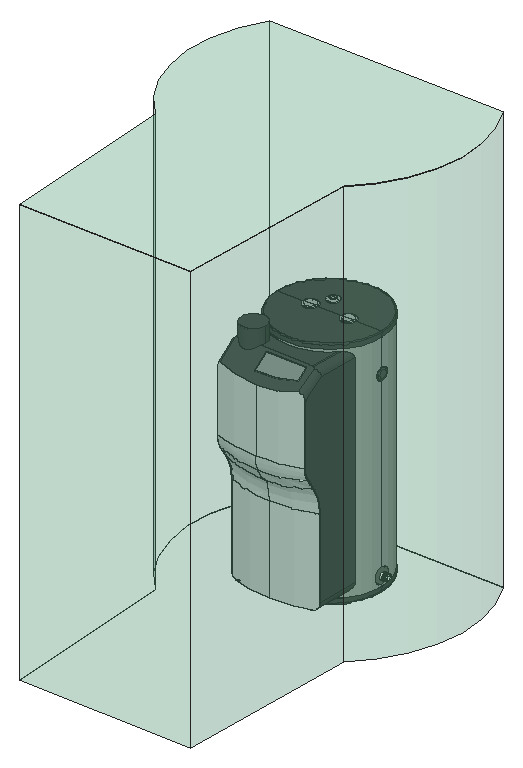
Revit family "Innovo NL_IR 20 200 NL LP", category Mechanical Equipment, Revit 2015
Parameters (values of type "IR-20-200 NL LP")
  Werkruimte Radius = Diameter + 170 mm  # 730 mm
  Werkruimte Hoogte = Hoogte + 1000 mm  # 2270 mm
  Werkruimte Afstand Voor = 1000 mm
  Werkruimte [instance] = yes
  Voorzorgsmaatregelen tijdens montage, installatie of onderhoud = "zie Gebruikers, Installatie, Service en Onderhouds handleiding"  # constant formula
  Voltage = 230 V  # constant formula
  Verpakkingslengte = 946 mm  # constant formula
  Verpakkingshoogte = 1465 mm
  Verpakkingsbreedte = 786 mm  # constant formula
  Uitsluitend werkend in daluren = no
  Type aanduiding = "IR-12-160"
  Transportgewicht = 114 kg
  Totaal Gewicht = 274 kg
  Stilstandsverlies - dagelijks (24u) = 0 W
  Stilstandsverlies = 0 W
  Standaard Afgesteld op = "G25.3"
  Stand Regelthermostaat = 65 °C  # constant formula
  Soort Verpakking = "Karton en Hout"  # constant formula
  Slimme controlefunctie = no
  Setpoint thermostaat = 65 °C  # constant formula
  Seizoens Rendement (Hs) = [Rendement (Hs, vlgs. NEN-EN 89 - 1999)]  # 96
  Rendement (Hs, vlgs. NEN-EN 89 - 1999) = 96
  Rendement (Hi, vlgs. NEN-EN 89 - 1999) = 107
  Produktspecificaties Link = ""
  Produkthandleiding Link = ""
  Produkt Model Nummer (EAN-nummer) = "8717449283780"
  Onderhoudsinterval = "12 maanden"  # constant formula
  Nominale Belasting (Onderwaarde) = "10900.0"
  Nominale Belasting (Bovenwaarde) = "12100.0"
  Nominaal Vermogen = "11700.0"
  NOx-uitstoot mg/kWh = "22.0"
  NOx-uitstoot (lucht vrij, 0% O2) ppm = "14"
  Min. Stand Regelthermostaat = 40 °C  # constant formula
  Max. Werkdruk = 800000.0 Pa
  Max. Stand Regelthermostaat = 85 °C  # constant formula
  Max. Rookgastemperatuur = 45 °C
  Ledig Gewicht = 95 kg
  Kraan Hoogte 02 = if(and(Hoogte = 1745 mm, Diameter = 675 mm), 1518 mm, if(and(Hoogte = 1745 mm, Diameter = 610 mm), 1534 mm, if(Hoogte = 1545 mm, 1328 mm, 1070 mm)))  # 1070 mm
  Kraan Hoogte 01 = if(and(Diameter > 560 mm), 693 mm, 604 mm)  # 604 mm
  Uitschakeldruk LDS < = 115.0 Pa
  URL = "www.aosmith.nl"
  Tapcapaciteit bij ΔT = 70°C  na 90 min. = 270.0 L
  Tapcapaciteit bij ΔT = 70°C  na 60 min. = 200.0 L
  Tapcapaciteit bij ΔT = 70°C  na 30 min. = 120.0 L
  Tapcapaciteit bij ΔT = 70°C  na 120 min. = 340.0 L
  Tapcapaciteit bij ΔT = 55°C  na 90 min. = 370.0 L
  Tapcapaciteit bij ΔT = 55°C  na 60 min. = 270.0 L
  Tapcapaciteit bij ΔT = 55°C  na 30 min. = 180.0 L
  Tapcapaciteit bij ΔT = 55°C  na 120 min. = 460.0 L
  Tapcapaciteit bij ΔT = 50°C  na 90 min. = 410.0 L
  Tapcapaciteit bij ΔT = 50°C  na 60 min. = 310.0 L
  Tapcapaciteit bij ΔT = 50°C  na 30 min. = 210.0 L
  Tapcapaciteit bij ΔT = 50°C na 120 min. = 510.0 L
  Tapcapaciteit bij ΔT = 44°C na 120 min. = 480.0 L
  Tapcapaciteit bij ΔT = 44°C  na 90 min. = 360.0 L
  Tapcapaciteit bij ΔT = 44°C  na 60 min. = 250.0 L
  Tapcapaciteit bij ΔT = 44°C  na 30 min. = 590.0 L
  Tapcapaciteit bij ΔT = 28°C na 90 min. = 780.0 L
  Tapcapaciteit bij ΔT = 28°C na 60 min. = 600.0 L
  Tapcapaciteit bij ΔT = 28°C na 30 min. = 420.0 L
  Tapcapaciteit bij ΔT = 28°C na 120 min. = 960.0 L
  Tapcapaciteit Continu bij ΔT = 70°C = 150.0 L/s
  Tapcapaciteit Continu bij ΔT = 55°C = 190.0 L/s
  Tapcapaciteit Continu bij ΔT = 50°C = 200.0 L/s
  Tapcapaciteit Continu bij ΔT = 44°C = 230.0 L/s
  Tapcapaciteit Continu bij ΔT = 28°C = 360.0 L/s
  Opwarmtijd bij ΔT = 70°C = "42"
  Opwarmtijd bij ΔT = 55°C = "34"
  Opwarmtijd bij ΔT = 50°C = "31"
  Opwarmtijd bij ΔT = 44°C = "27"
  Opwarmtijd bij ΔT = 28°C = "17"
  Model = "IR-12-160 NL NAT"
  Manufacturer = "A.O. Smith Water Products Company b.v."  # constant formula
  Length = 780 mm  # constant formula
  Jaarlijks elektriciteitsverbruik (2) = "-"
  Jaarlijks elektriciteitsverbruik (1) = "38 kWh"
  Jaarlijks brandstofverbruik (2) = "-"
  Jaarlijks brandstofverbruik (1) = "16 GJ GCV"
  Isolatiedikte = 50 mm
  Installatie Typen = "B23/C13/C33/C43/C53/C63"  # constant formula
  Inhoud = 160.0 L
  Hoogte Warm Water Uitlaat = 1270 mm
  Hoogte Rookgasafvoer = 1295 mm
  Hoogte Lucht Inlaat = 1295 mm
  Hoogte Koud Water Inlaat = 170 mm
  Hoogte Gas Aansluiting = 860 mm
  Hoogte = 1270 mm
  Handelsmerk = "A.O. Smith"  # constant formula
  Geluidsniveau dB (A) = "<45"  # constant formula
  Geluidsniveau binnen = "41 dB"
  Gasverbruik - Volume ltr/hr = "1.20"
  Gasverbruik - Massa kg/h = "n.v.t."
  Gascategorie = "II2EK3B/P"  # constant formula
  Gas Voordruk = 2500.0 Pa
  Gas Aansluiting = 15"  # constant formula
  Garrantie op Tank = "36 maanden"  # constant formula
  Garrantie op Onderdelen = "12 maanden"  # constant formula
  Frequentie = 50 Hz  # constant formula
  Fase = 1
  Fabrikantnummer = "E 7110"  # constant formula
  Energie-efficiëntieklasse voor waterverwarming (2) = "-"
  Energie-efficiëntieklasse voor waterverwarming (1) = "A"  # constant formula
  Energie-efficiëntie voor waterverwarming (2) = "-"
  Energie-efficiëntie voor waterverwarming (1) = "92%"
  Elektrisch Vermogen (piek) = 85 W
  Elektrisch Vermogen (nominaal) = 25 W
  Diameter Schoorsteen - parallel systeem = "2x80"  # constant formula
  Diameter Schoorsteen - concentrisch systeem = "80/125 mm/mm"  # constant formula
  Diameter Schoorsteen - boiler = "80/125 mm/mm"  # constant formula
  Diameter = 560 mm
  Description = "Condenserende Hoog Rendementsboiler"  # constant formula
  Created By = "http://www.cadcompany.nl/"
  Capaciteitsprofiel = "XL"
  CO2-uitstoot (tol. +/- 1.0) vol% = "9.3"
  CE-PIN = "0063CQ3037"  # constant formula
  Breedte = Diameter  # 560 mm
  Bestemming / Land = "Nederland"  # constant formula
  BIM Content Developer = "CAD & Company"  # constant formula
  Assembly Code = "D3010"
  Ander capaciteitsprofiel = "-"
  Aansluiting Warm Water = 3/4"
  Aansluiting T&P = 3/4"
  Aansluiting Koud Water = 3/4"  # constant formula
  Aansluiting Condensafvoer = 40 mm  # constant formula
  Aansluiting Aftapkraan = 3/4"  # constant formula
  2e Onderhoud (algeheel onderhoud) = "12 maanden na installatie"  # constant formula
  1e Onderhoud (check-up) = "3 maanden na installatie"  # constant formula
Reference planes
  plane 1 "Center (Front/Back)": y = 0
  plane 2: z = 0
  plane 3 "Center (Left/Right)": x = 0
  plane 4 "Pipe": through (-383.901, 912.349, 194.799) normal (-0.0879, -0.0879, 0.9923)
  plane 5 "footing": y = 118.925
  plane 6 "footing front": y = -237.85
  plane 7: x = -280
  plane 8: x = 280
  plane 9: z = 1270
Forms (mm)
  Revolve 1, solid, material "RAL 9005", detail levels medium+fine
    sketch origin (0, -237.85, 0) x (-1, 0, 0) y (0, 0, 1)
      loop
        line (0, 28.9) -> (-15, 28.9) -> (-15, 26.4) -> (-8.671, 26.4) -> (-8.671, 18) -> (-5.686, 18) -> (-6.626, 17.06) -> (-6.626, 12.06) -> (-8.671, 12.06) -> (-8.671, 10) -> (-10.031, 10) -> (-23.271, 5.181)
        arc (-23.271, 5.181) -> (-23.763, 4.836) -> (-24.017, 4.293) r 1.159
        line (-24.017, 4.293) -> (-24.017, 1.03)
        arc (-24.017, 1.03) -> (-23.715, 0.302) -> (-22.986, 0) r 1.03
        line (-22.986, 0) -> (0, 0) -> (0, 28.9)
      axis (0, 28.9) -> (0, 0)
    angle from 0 to 360
  Revolve 2, solid, material "RAL 9005", detail levels medium+fine
    sketch origin (0, 118.925, 0) x (-1, 0, 0) y (0, 0, 1)
      loop
        line (-180.984, 28.9) -> (-195.984, 28.9) -> (-195.984, 26.4) -> (-189.655, 26.4) -> (-189.655, 18) -> (-186.67, 18) -> (-187.61, 17.06) -> (-187.61, 12.06) -> (-189.655, 12.06) -> (-189.655, 10) -> (-191.015, 10) -> (-204.256, 5.181)
        arc (-204.256, 5.181) -> (-204.747, 4.836) -> (-205.001, 4.293) r 1.159
        line (-205.001, 4.293) -> (-205.001, 1.03)
        arc (-205.001, 1.03) -> (-204.699, 0.302) -> (-203.971, 0) r 1.03
        line (-203.971, 0) -> (-180.984, 0) -> (-180.984, 28.9)
      axis (-180.984, 28.9) -> (-180.984, 0)
    angle from 0 to 360
  Revolve 3, solid, material "RAL 9005", detail levels medium+fine
    sketch origin (0, 118.925, 0) x (-1, 0, 0) y (0, 0, 1)
      loop
        line (179.016, 28.9) -> (164.016, 28.9) -> (164.016, 26.4) -> (170.345, 26.4) -> (170.345, 18) -> (173.33, 18) -> (172.39, 17.06) -> (172.39, 12.06) -> (170.345, 12.06) -> (170.345, 10) -> (168.985, 10) -> (155.744, 5.181)
        arc (155.744, 5.181) -> (155.253, 4.836) -> (154.999, 4.293) r 1.159
        line (154.999, 4.293) -> (154.999, 1.03)
        arc (154.999, 1.03) -> (155.301, 0.302) -> (156.029, 0) r 1.03
        line (156.029, 0) -> (179.016, 0) -> (179.016, 28.9)
      axis (179.016, 28.9) -> (179.016, 0)
    angle from 0 to 360
Lines and regions (mm)
  symbolic lines
    curve 1: line (0, 280.06, 0) -> (0, -280.06, 0)
    curve 2: line (-255.06, 0, 0) -> (255.06, 0, 0)
  symbolic lines, style "Workspace"
    curve 3: line (623.261, 380.06, 0) -> (-623.261, 380.06, 0)
    curve 4: arc (-623.261, 380.06, 0) -> (-726.942, -66.745, 0) -> (-543.632, -487.2, 0) r 730
    curve 5: line (-543.632, -487.2, 0) -> (-396.783, -1492.825, 0)
    curve 6: line (-396.783, -1492.825, 0) -> (399.03, -1492.825, 0)
    curve 7: line (399.03, -1492.825, 0) -> (545.76, -484.816, 0)
    curve 8: arc (545.76, -484.816, 0) -> (727.087, -65.154, 0) -> (623.261, 380.06, 0) r 730
Dimensions and locks
  plane 5 "footing" to plane 1 "Center (Front/Back)" = 118.925 mm
  plane 1 "Center (Front/Back)" to plane 6 "footing front" = 237.85 mm
  "Diameter": plane 7 to plane 8
  equal spacing: plane 7, plane 3 "Center (Left/Right)", plane 8
  "Hoogte": plane 9 to plane 2
  "Werkruimte Afstand Voor": curve 6 to nested 3
  "Werkruimte Radius": radius of curve 4
  "Werkruimte Radius": radius of curve 8
  aligned and locked: level to plane 2
  aligned and locked: nested 3 to Revolve 1 sketch curve
  aligned and locked: plane 3 "Center (Left/Right)" to Revolve 1 sketch curve
  aligned and locked: nested 3 to plane 1 "Center (Front/Back)"
  aligned and locked: plane 3 "Center (Left/Right)" to nested 3
  aligned and locked: nested 1 to plane 8
  aligned and locked: nested 5 to plane 8
  aligned and locked: nested 2 to plane 7
  aligned and locked: nested 4 to plane 7
  aligned and locked: nested 7 to plane 7
  aligned and locked: nested 8 to plane 3 "Center (Left/Right)"
  aligned and locked: curve 3 to nested 8
  aligned and locked: nested 8 to nested 3
Automatic sketch dimensions
  Revolve 1 sketch curve to level = 0 mm
  plane 3 "Center (Left/Right)" to Revolve 1 sketch curve = 5.686 mm
  Revolve 1 sketch curve to Revolve 1 sketch curve = 0.94 mm  (x2)
  Revolve 1 sketch curve to Revolve 1 sketch curve = 2.046 mm  (x2)
  Revolve 1 sketch curve to Revolve 1 sketch curve = 1.359 mm
  Revolve 1 sketch curve to Revolve 1 sketch curve = 6.329 mm
  level to Revolve 1 sketch curve = 4.091 mm
  Revolve 1 sketch curve to Revolve 1 sketch curve = 12.844 mm
  level to Revolve 1 sketch curve = 1.03 mm
  Revolve 1 sketch curve to Revolve 1 sketch curve = 0.111 mm
  level to Revolve 1 sketch curve = 5.181 mm
  Revolve 1 sketch curve to Revolve 1 sketch curve = 0.745 mm
  level to Revolve 1 sketch curve = 10 mm
  Revolve 1 sketch curve to Revolve 1 sketch curve = 2.06 mm
  Revolve 1 sketch curve to Revolve 1 sketch curve = 5 mm
  Revolve 1 sketch curve to Revolve 1 sketch curve = 8.4 mm
  Revolve 1 sketch curve to Revolve 1 sketch curve = 2.5 mm
  Revolve 1 sketch curve to level = 19.635 mm
  Revolve 1 sketch curve to Revolve 1 sketch curve = 46.465 mm
  Revolve 2 sketch curve to level = 0 mm
  level to Revolve 2 sketch curve = 1.03 mm
  Revolve 2 sketch curve to plane 8 = 74.999 mm
  level to Revolve 2 sketch curve = 5.181 mm
  Revolve 2 sketch curve to Revolve 2 sketch curve = 0.745 mm
  Revolve 2 sketch curve to Revolve 2 sketch curve = 0.397 mm
  Revolve 2 sketch curve to Revolve 2 sketch curve = 8.271 mm
  Revolve 2 sketch curve to Revolve 2 sketch curve = 13.241 mm
  Revolve 2 sketch curve to Revolve 2 sketch curve = 1.359 mm
  Revolve 2 sketch curve to Revolve 2 sketch curve = 6.329 mm
  Revolve 2 sketch curve to Revolve 2 sketch curve = 2.046 mm
  level to Revolve 2 sketch curve = 18 mm
  Revolve 2 sketch curve to Revolve 2 sketch curve = 0.94 mm  (x2)
  Revolve 2 sketch curve to Revolve 2 sketch curve = 8.671 mm
  Revolve 2 sketch curve to Revolve 2 sketch curve = 1.089 mm
  Revolve 2 sketch curve to Revolve 2 sketch curve = 8 mm
  Revolve 2 sketch curve to Revolve 2 sketch curve = 2.06 mm
  Revolve 2 sketch curve to Revolve 2 sketch curve = 8.4 mm
  Revolve 2 sketch curve to Revolve 2 sketch curve = 2.5 mm
  Revolve 2 sketch curve to Revolve 2 sketch curve = 0 mm
  Revolve 2 sketch curve to level = 19.635 mm
  Revolve 2 sketch curve to Revolve 2 sketch curve = 46.465 mm
  Revolve 3 sketch curve to level = 0 mm
  level to Revolve 3 sketch curve = 1.03 mm
  Revolve 3 sketch curve to plane 7 = 125.001 mm
  level to Revolve 3 sketch curve = 5.181 mm
  Revolve 3 sketch curve to Revolve 3 sketch curve = 0.745 mm
  Revolve 3 sketch curve to Revolve 3 sketch curve = 0.397 mm
  Revolve 3 sketch curve to Revolve 3 sketch curve = 8.271 mm
  Revolve 3 sketch curve to Revolve 3 sketch curve = 13.241 mm
  Revolve 3 sketch curve to Revolve 3 sketch curve = 1.359 mm
  Revolve 3 sketch curve to Revolve 3 sketch curve = 6.329 mm
  Revolve 3 sketch curve to Revolve 3 sketch curve = 2.046 mm
  level to Revolve 3 sketch curve = 18 mm
  Revolve 3 sketch curve to Revolve 3 sketch curve = 0.94 mm  (x2)
  Revolve 3 sketch curve to Revolve 3 sketch curve = 8.671 mm
  Revolve 3 sketch curve to Revolve 3 sketch curve = 1.089 mm
  Revolve 3 sketch curve to Revolve 3 sketch curve = 8 mm
  Revolve 3 sketch curve to Revolve 3 sketch curve = 2.06 mm
  Revolve 3 sketch curve to Revolve 3 sketch curve = 8.4 mm
  Revolve 3 sketch curve to Revolve 3 sketch curve = 2.5 mm
  Revolve 3 sketch curve to Revolve 3 sketch curve = 0 mm
  Revolve 3 sketch curve to level = 19.635 mm
  Revolve 3 sketch curve to Revolve 3 sketch curve = 46.465 mm
  curve 4 to curve 8 = 0 mm  (x2)
  plane 1 "Center (Front/Back)" to curve 2 = 0 mm
  curve 1 to plane 3 "Center (Left/Right)" = 0 mm
  plane 1 "Center (Front/Back)" to curve 4 = 0 mm
  curve 4 to plane 3 "Center (Left/Right)" = 0 mm
  curve 5 to plane 6 "footing front" = 249.35 mm
  plane 7 to curve 5 = 116.783 mm
  plane 8 to curve 7 = 119.03 mm
  curve 7 to plane 6 "footing front" = 246.966 mm
  curve 2 to plane 7 = 24.94 mm
  curve 2 to plane 8 = 24.94 mm
  curve 1 to plane 6 "footing front" = 42.21 mm
  plane 5 "footing" to curve 1 = 161.135 mm
Nested families
  nested 1: "Valve" at (280, -0.38, 1070) x (0, 1, 0) z (0, 0, 1), built-in parameter 1001364 <- "Kraan Hoogte 02", type "Valve"
  nested 2: "Drain Valve" at (-280, 0, 1070), built-in parameter 1001364 <- "Kraan Hoogte 02", type "Drain Valve"
  nested 3: "Housing Mother Housing S 57 (external)" at (0, -274.886, 0), type "Housing Mother_Housing S_57"
  nested 4: "Drain Valve" at (-280, 0, 177), type "Drain Valve"
  nested 5: "Drain Valve" at (280, 0, 107) x (-1, 0, 0) z (0, 0, 1), type "Drain Valve"
  nested 6: "Boiler" at (0, 0, 0), height <- "Hoogte", type "Boiler"
    with height 1270 mm
  nested 7: "Drain Valve" at (-280, 0, 604), built-in parameter 1001364 <- "Kraan Hoogte 01", type "Drain Valve"
  nested 8: "Innovo_workspace" at (0, 0, 0), Workspace <- "Werkruimte", Workspace Distance Front <- "Werkruimte Afstand Voor", Workspace Height <- "Werkruimte Hoogte", Workspace Radius <- "Werkruimte Radius", type "Workspace"
    with Workspace Radius 730 mm, Workspace Height 2270 mm, Workspace Distance Front 1000 mm, Workspace yes, Center to Front 492.825 mm
Connectors
  piping at (314.826, 0, 107), diameter 19.05, driven by "Aansluiting Aftapkraan"
    settings: on nested 5, index 1, connector inside diameter 24", connector length 0 mm, flow factor 0, pipe flow 0.0 L/s, pressure drop 0.0 Pa, fitting loss kfactor 0, connector angle 0.00°, fixture units 0, engagement length 0 mm, angle of deflection 0.00°, flow configuration 0, flow direction 0, fitting loss method 0, system type 19, joint type 0, gender type 0, connector reference index -1, connector utility 0, adjustable connector no, is connector primary yes, connector description ""
  hvac at (-147.013, -321.326, 1310.674)
    settings: on nested 3, index 2, duct flow 0.0 L/s, flow factor 0, pres drop 0.0 Pa, loss coef 0, conn angle 0.00°, conn width 304.8 mm, conn height 304.8 mm, conn diameter 125 mm, duct sys type 4, conn prof type 0, flow config 0, flow direction 0, loss method 0, conn ref index -1, conn util no, is conn primary yes, conn desc ""
Definition of nested family "Valve"
  Parameters (values of type "Valve")
    Type Comments = "T&P valve (internal)"
    Manufacturer = "A.O. Smith"
  Reference planes
    plane 1 "Center (Front/Back)": y = 0
    plane 2: z = 0
    plane 3 "Center (Left/Right)": x = 0
  Forms (mm)
    Extrusion 1, solid, detail levels fine
      sketch origin (0, 0, 0) x (1, 0, 0) y (0, 0, 1)
        loop
          circle (0, 0) r 31.5
      from -2.271 to 1.4
    Sweep 2, solid, detail levels fine
      path origin (0, -1.4, 0) x (1, 0, 0) y (0, 0, 1)
        loop
          circle (0, 0) r 31.5
      profile origin (0, -1.4, 31.5) x (0, 0, -1) y (0, -1, 0)
        loop
          line (7.3, 0) -> (7.3, 3) -> (0, 0) -> (7.3, 0)
  Dimensions and locks
    aligned and locked: level to plane 2
Definition of nested family "Drain Valve"
  Reference planes
    plane 1 "Center (Front/Back)": y = 0
    plane 2: z = 0
    plane 3 "Center (Left/Right)": x = 0
  Forms (mm)
    Revolve 1, solid, detail levels medium+fine
      sketch origin (0, 0, 0) x (1, 0, 0) y (0, 0, 1)
        loop
          line (-33.442, 15.696) -> (-34.826, 14.329) -> (-34.93, 12.731) -> (-16.555, 12.731) -> (-16.555, 0) -> (15.787, 0) -> (15.787, 18.3) -> (-14.4, 18.3) -> (-17.148, 15.533) -> (-18.729, 16.697) -> (-20.091, 15.333) -> (-21.672, 16.496) -> (-23.034, 15.133) -> (-24.614, 16.296) -> (-25.976, 14.932) -> (-27.557, 16.096) -> (-28.919, 14.732) -> (-30.5, 15.896) -> (-31.862, 14.532) -> (-33.442, 15.696)
        axis (-34.93, 0) -> (15.787, 0)
      angle from 0 to 360
  Dimensions and locks
    aligned and locked: level to plane 2
  Nested families
    nested 1: "Rubber sealing" at (2.592, -0.155, 0) x (0.0023, -1, 0) z (0, 0, 1), type "Rubber sealing", detail levels fine
  Definition of nested family "Rubber sealing"
    Reference planes
      plane 1 "Center (Front/Back)": y = 0
      plane 2: z = 0
      plane 3 "Center (Left/Right)": x = 0
    Forms (mm)
      Extrusion 1, solid, detail levels fine
        sketch origin (141.861, 319.581, 0) x (1, 0, 0) y (0, 1, 0)
          loop
            line (-216.354, -311.898) -> (-216.354, -313.94)
            arc (-216.354, -313.94) -> (-141.602, -321.581) -> (-66.861, -313.835) r 366.966
            line (-66.861, -313.835) -> (-66.861, -311.791)
            arc (-66.861, -311.791) -> (-141.602, -319.581) -> (-216.354, -311.898) r 364.966
        from -80 to 80
      Extrusion 2, void
        sketch origin (141.861, 319.581, 0) x (1, 0, 0) y (0, 0, 1)
          loop
            circle (-141.861, 0) r 13
          loop
            circle (-141.861, 0) r 110
          loop
            circle (-141.861, 0) r 40
        from 311.563 to 332.684
      Extrusion 3, void
        sketch origin (141.861, 319.581, 0) x (1, 0, 0) y (0, 0, 1)
          loop
            circle (-141.861, 0) r 18.25
        from 315.524 to 326.084
    Cuts and joins
      Extrusion 2, Extrusion 3 cuts Extrusion 1
    Dimensions and locks
      aligned and locked: level to plane 2
Definition of nested family "Housing Mother Housing S 57 (external)"
  Parameters (values of type "Housing Mother_Housing S_57")
    radius [instance] = 280 mm
    distance to boiler center = if(diameter = 675 mm, 189 mm, if(diameter = 610 mm, 154 mm, 129 mm))  # 129 mm
    diameter = 560 mm
  Reference planes
    plane 1 "Center (Front/Back)": y = 0
    plane 2: z = 0
    plane 3 "Center (Left/Right)": x = 0
    plane 4 "left": through (-245.286, 145.886, 1200) normal (0.9994, 0.0349, 0)
    plane 5: y = -217.939
    plane 6: y = 145.886
    plane 7: z = 1232.6
    plane 8: z = 65.89
    plane 9 "right": through (245.286, 145.886, 1200) normal (0.9994, -0.0349, 0)
    plane 10 "display": through (0, -90.37, 1221.196) normal (0, -0.5736, 0.8192)
    plane 11 "Potentiostat": z = 867.899
    plane 12 "boiler center": y = 274.886
    plane 13: x = -280
    plane 14: x = 280
  Forms (mm)
    Extrusion 1, solid
      sketch origin (0, 0, 0) x (1, 0, 0) y (0, 1, 0)
        loop
          line (-245.286, 145.886) -> (-232.581, -217.939) -> (232.581, -217.939) -> (245.286, 145.886)
          arc (245.286, 145.886) -> (0, 0.923) -> (-245.286, 145.886) r 280
      from 0 to 1232.6
    Sweep 2, void
      path origin (0, 0, 0) x (0, 1, 0) y (0, 0, 1)
        loop
          line (-217.939, 1232.6) -> (-217.939, 795.555)
          arc (-217.939, 795.555) -> (-212.387, 754.285) -> (-197.694, 715.322) r 183.924
          arc (-197.694, 715.322) -> (-179.915, 684.628) -> (-159.106, 655.901) r 348.284
          arc (-159.106, 655.901) -> (-131.411, 600.328) -> (-121.88, 538.973) r 202.254
          line (-121.88, 538.973) -> (-121.88, 61.106)
      profile origin (0, -217.939, 1014.077) x (1, 0, 0) y (0, 1, 0)
        loop
          arc (0, 0) -> (-117.533, 9.941) -> (-231.728, 39.475) r 699.984
          arc (-231.728, 39.475) -> (-233.391, 40.705) -> (-234.07, 42.659) r 3.505
          line (-234.07, 42.659) -> (-254.062, 42.659) -> (-254.062, -142.593) -> (254.07, -142.593) -> (254.07, 42.659) -> (234.07, 42.659)
          arc (234.07, 42.659) -> (233.391, 40.705) -> (231.728, 39.475) r 3.505
          arc (231.728, 39.475) -> (117.533, 9.941) -> (0, 0) r 699.984
    Extrusion 3, void
      sketch origin (0, 0, 0) x (0, 1, 0) y (0, 0, 1)
        loop
          arc (102.864, 70.869) -> (99.804, 70.709) -> (96.874, 69.813) r 12.57
          arc (96.874, 69.813) -> (87.878, 66.533) -> (78.516, 64.529) r 69.114
          arc (78.516, 64.529) -> (76.41, 64.284) -> (74.294, 64.148) r 41.206
          arc (74.294, 64.148) -> (65.203, 64.335) -> (56.122, 64.782) r 318.661
          arc (56.122, 64.782) -> (30.585, 66.179) -> (5.028, 67.128) r 1456.581
          line (5.028, 67.128) -> (-84.534, 73.135)
          arc (-84.534, 73.135) -> (-86.363, 73.808) -> (-87.536, 75.365) r 3.455
          line (-87.536, 75.365) -> (-264.473, 75.365) -> (-264.473, 0) -> (160.886, 0) -> (160.886, 103.945) -> (145.886, 103.945)
          arc (145.886, 103.945) -> (145.104, 97.827) -> (142.923, 92.059) r 26.364
          arc (142.923, 92.059) -> (141.067, 88.936) -> (138.867, 86.045) r 31.715
          arc (138.867, 86.045) -> (135.576, 82.49) -> (132.021, 79.2) r 62.615
          arc (132.021, 79.2) -> (125.841, 74.697) -> (119.091, 71.103) r 54.444
          arc (119.091, 71.103) -> (116.371, 70.272) -> (113.531, 70.123) r 11.669
          line (113.531, 70.123) -> (102.864, 70.869)
      from -254.062 to 254.07
    Sweep 4, void
      path origin (0, 0, 0) x (1, 0, 0) y (0, 1, 0)
        loop
          line (-245.286, 145.886) -> (-232.581, -217.939)
      profile origin (-238.933, -36.027, 0) x (0.999391, 0.034899, 0) y (0, 0, 1)
        loop
          line (-4.454, 0) -> (47.084, 0) -> (47.084, 73.431)
          arc (47.084, 73.431) -> (14.222, 85.134) -> (0.255, 117.1) r 43.922
          line (0.255, 117.1) -> (-4.454, 117.1) -> (-4.454, 0)
    Sweep 5, void
      path origin (0, 0, 0) x (-1, 0, 0) y (0, 1, 0)
        loop
          line (-245.286, 145.886) -> (-232.581, -217.939)
      profile origin (238.933, -36.027, 0) x (0.999391, -0.034899, 0) y (0, 0, 1)
        loop
          line (4.454, 0) -> (4.454, 117.1) -> (-0.255, 117.1)
          arc (-0.255, 117.1) -> (-14.222, 85.134) -> (-47.084, 73.431) r 43.922
          line (-47.084, 73.431) -> (-47.084, 0) -> (4.454, 0)
    Sweep 6, void
      path origin (-239.899, -8.377, 0) x (-0.034899, 0.999391, 0) y (0, 0, 1)
        loop
          line (-209.69, 1141.272) -> (-79.18, 1232.6) -> (154.358, 1232.6)
      profile origin (-241.211, 29.188, 1232.6) x (0, 0, 1) y (0.999391, 0.034899, 0)
        loop
          line (-45, -30) -> (75, -30) -> (75, 0) -> (75, 55) -> (2.799, 55) -> (-1.253, 35.128)
          arc (-1.253, 35.128) -> (-16.771, 9.564) -> (-45, -0.308) r 44.287
          line (-45, -0.308) -> (-45, -30)
    Sweep 7, void
      path origin (239.899, -8.377, 0) x (0.034899, 0.999391, 0) y (0, 0, 1)
        loop
          line (-209.69, 1141.272) -> (-79.18, 1232.6) -> (154.358, 1232.6)
      profile origin (241.211, 29.188, 1232.6) x (0, 0, -1) y (-0.999391, 0.034899, 0)
        loop
          line (-75, -25) -> (45, -25) -> (45, -0.308)
          arc (45, -0.308) -> (16.771, 9.564) -> (1.253, 35.128) r 44.287
          line (1.253, 35.128) -> (-2.799, 55) -> (-75, 55) -> (-75, -25)
    Extrusion 8, void
      sketch origin (0, 0, 0) x (0, 1, 0) y (0, 0, 1)
        loop
          line (-270, 1336.099) -> (-270, 1099.081) -> (68.497, 1336.099) -> (-270, 1336.099)
      from -425.038 to 444.42
    Extrusion 9, solid, detail levels medium+fine
      sketch origin (0, 0, 0) x (1, 0, 0) y (0, 1, 0)
        loop
          circle (-147.013, -46.44) r 65
      from 1163.174 to 1310.674
    Extrusion 10, void
      sketch origin (0, -603.506, 861.895) x (0, 0.819152, 0.573576) y (-1, 0, 0)
        loop
          arc (618.322, -173) -> (623.272, -170.95) -> (625.322, -166) r 7
          line (625.322, -166) -> (625.322, 35)
          arc (625.322, 35) -> (623.272, 39.95) -> (618.322, 42) r 7
          line (618.322, 42) -> (535.473, 42)
          arc (535.473, 42) -> (530.688, 40.11) -> (528.488, 35.46) r 7
          arc (528.488, 35.46) -> (531.569, -67.592) -> (554.18, -168.18) r 540
          arc (554.18, -168.18) -> (556.724, -171.668) -> (560.831, -173) r 7
          line (560.831, -173) -> (618.322, -173)
      from 0 to 137.286
    Sweep 11, solid, detail levels fine
      path origin (0, 0, 867.899) x (-1, 0, 0) y (0, -1, 0)
        loop
          line (309.749, -35.617) -> (204.371, -35.617)
          arc (204.371, -35.617) -> (196.509, -34.687) -> (189.082, -31.947) r 33.677
          line (189.082, -31.947) -> (-9.574, 69.274)
      profile origin (-257.06, 35.617, 867.899) x (0, 1, 0) y (0, 0, 1)
        loop
          circle (0, 0) r 7.316
        loop
          circle (0, 0) r 6.465
    Revolve 12, void
      sketch origin (0, 274.886, 0) x (-1, 0, 0) y (0, 0, 1)
        loop
          line (280, 1243.838) -> (0, 1243.838) -> (0, 54.9) -> (280, 54.9) -> (280, 1243.838)
        axis (0, 1243.838) -> (0, 54.9)
      angle from 0 to 360
  Cuts and joins
    Sweep 2, Extrusion 3, Sweep 4, Sweep 5, Sweep 6, Sweep 7, Extrusion 8, Extrusion 10, Revolve 12 cuts Extrusion 1
  Dimensions and locks
    plane 8 to plane 2 = 65.89 mm
    plane 7 to plane 8 = 1166.71 mm
    "distance to boiler center": plane 12 "boiler center" to plane 6
    "diameter": plane 14 to plane 13
    equal spacing: plane 14, plane 3 "Center (Left/Right)", plane 13
    "radius": plane 3 "Center (Left/Right)" to plane 13
    aligned and locked: level to plane 2
    aligned and locked: Extrusion 1 to plane 7
    aligned and locked: Extrusion 1 sketch curve to plane 5
    aligned and locked: Sweep 2 to Extrusion 3
    aligned and locked: Extrusion 3 to Sweep 2  (x2)
    aligned and locked: plane 7 to Sweep 2 sketch curve
    aligned and locked: plane 3 "Center (Left/Right)" to Revolve 12 sketch curve
    aligned and locked: Revolve 12 sketch curve to plane 3 "Center (Left/Right)"
    aligned and locked: plane 13 to Revolve 12 sketch curve
  Automatic sketch dimensions
    Extrusion 1 sketch curve to plane 4 "left" = 0 mm  (x2)
    Extrusion 1 sketch curve to plane 6 = 0 mm  (x2)
    Extrusion 1 sketch curve to plane 3 "Center (Left/Right)" = 0 mm
    Extrusion 1 sketch curve to plane 9 "right" = 0 mm
    plane 6 to Extrusion 1 sketch curve = 135.037 mm
    Sweep 2 sketch curve to plane 5 = 0 mm
    plane 5 to Sweep 2 sketch curve = 106.195 mm
    Sweep 2 sketch curve to plane 5 = 96.059 mm
    plane 1 "Center (Front/Back)" to Sweep 2 sketch curve = 34.053 mm
    plane 11 "Potentiostat" to Sweep 2 sketch curve = 6.417 mm
    Sweep 2 sketch curve to plane 6 = 33.705 mm
    Sweep 2 sketch curve to plane 11 "Potentiostat" = 68.615 mm
    Sweep 2 sketch curve to plane 11 "Potentiostat" = 72.345 mm
    Sweep 2 sketch curve to Sweep 2 sketch curve = 176.349 mm
    Sweep 2 sketch curve to Sweep 2 sketch curve = 0 mm  (x2)
    plane 8 to Sweep 2 sketch curve = 4.784 mm
    Extrusion 3 sketch curve to level = 0 mm
    Extrusion 3 sketch curve to plane 6 = 0 mm
    Extrusion 3 sketch curve to plane 6 = 26.363 mm
    Extrusion 3 sketch curve to Extrusion 3 sketch curve = 4.75 mm
    Extrusion 3 sketch curve to Extrusion 3 sketch curve = 5.179 mm
    Extrusion 3 sketch curve to plane 8 = 4.232 mm
    Extrusion 3 sketch curve to Extrusion 3 sketch curve = 0.814 mm
    Extrusion 3 sketch curve to plane 8 = 4.978 mm
    Extrusion 3 sketch curve to Extrusion 3 sketch curve = 10.667 mm
    Extrusion 3 sketch curve to Extrusion 3 sketch curve = 0.877 mm
    Extrusion 3 sketch curve to Extrusion 3 sketch curve = 17.827 mm
    Extrusion 3 sketch curve to Extrusion 3 sketch curve = 5.646 mm
    Extrusion 3 sketch curve to plane 6 = 69.562 mm
    Extrusion 3 sketch curve to Extrusion 3 sketch curve = 18.6 mm
    Extrusion 3 sketch curve to Extrusion 3 sketch curve = 22.538 mm
    Extrusion 3 sketch curve to plane 8 = 1.238 mm
    Extrusion 3 sketch curve to plane 1 "Center (Front/Back)" = 5.028 mm
    plane 1 "Center (Front/Back)" to Extrusion 3 sketch curve = 36.224 mm
    Extrusion 3 sketch curve to plane 8 = 10.692 mm
    plane 1 "Center (Front/Back)" to Extrusion 3 sketch curve = 84.302 mm
    Extrusion 3 sketch curve to plane 8 = 7.244 mm
    Extrusion 3 sketch curve to Extrusion 3 sketch curve = 0.231 mm
    Extrusion 3 sketch curve to Extrusion 3 sketch curve = 3.234 mm
    plane 5 to Extrusion 3 sketch curve = 46.534 mm
    plane 6 to Extrusion 3 sketch curve = 15 mm
    Extrusion 3 sketch curve to level = 1388.869 mm
    plane 8 to Extrusion 3 sketch curve = 7.561 mm
    Extrusion 3 sketch curve to Extrusion 3 sketch curve = 11.64 mm
    Extrusion 3 sketch curve to plane 8 = 38.054 mm
    Extrusion 3 sketch curve to Extrusion 3 sketch curve = 22.442 mm
    Extrusion 3 sketch curve to plane 8 = 39.432 mm
    Extrusion 3 sketch curve to Extrusion 3 sketch curve = 2.466 mm
    Extrusion 3 sketch curve to Extrusion 3 sketch curve = 14.17 mm
    Extrusion 3 sketch curve to Extrusion 3 sketch curve = 5.925 mm
    Extrusion 3 sketch curve to Extrusion 3 sketch curve = 6.186 mm
    Extrusion 3 sketch curve to Extrusion 3 sketch curve = 249.85 mm
    Extrusion 3 sketch curve to Extrusion 3 sketch curve = 0 mm  (x4)
    Extrusion 3 sketch curve to Extrusion 3 sketch curve = 6.845 mm
    plane 8 to Extrusion 3 sketch curve = 1.743 mm
    Sweep 4 sketch curve to plane 4 "left" = 0 mm  (x2)
    Sweep 4 sketch curve to plane 6 = 0 mm
    plane 5 to Sweep 4 sketch curve = 0 mm
    Sweep 4 sketch curve to level = 0 mm
    profile plane to Sweep 4 sketch curve = 4.454 mm
    Sweep 4 sketch curve to profile plane = 0.255 mm
    Sweep 4 sketch curve to Sweep 4 sketch curve = 43.922 mm
    Sweep 4 sketch curve to profile plane = 47.084 mm
    level to Sweep 4 sketch curve = 73.431 mm
    Sweep 4 sketch curve to Sweep 4 sketch curve = 43.669 mm
    Sweep 5 sketch curve to plane 6 = 0 mm
    Sweep 5 sketch curve to plane 9 "right" = 0 mm  (x2)
    plane 5 to Sweep 5 sketch curve = 0 mm
    Sweep 5 sketch curve to level = 0 mm
    profile plane to Sweep 5 sketch curve = 47.084 mm
    Sweep 5 sketch curve to Sweep 5 sketch curve = 2.907 mm
    profile plane to Sweep 5 sketch curve = 0.255 mm
    Sweep 5 sketch curve to profile plane = 4.454 mm
    level to Sweep 5 sketch curve = 73.431 mm
    Sweep 5 sketch curve to Sweep 5 sketch curve = 43.669 mm
    Sweep 6 sketch curve to plane 7 = 0 mm
    plane 7 to Sweep 6 sketch curve = 91.328 mm
    Sweep 6 sketch curve to Sweep 6 sketch curve = 130.509 mm
    Sweep 6 sketch curve to Sweep 6 sketch curve = 233.538 mm
    Sweep 6 sketch curve to plane 4 "left" = 0 mm
    profile plane to Sweep 6 sketch curve = 45 mm
    Sweep 6 sketch curve to Sweep 6 sketch curve = 0.354 mm
    profile plane to Sweep 6 sketch curve = 1.253 mm
    Sweep 6 sketch curve to profile plane = 2.799 mm
    Sweep 6 sketch curve to Sweep 6 sketch curve = 72.201 mm
    Sweep 6 sketch curve to plane 4 "left" = 0.308 mm
    Sweep 6 sketch curve to Sweep 6 sketch curve = 29.692 mm
    plane 4 "left" to Sweep 6 sketch curve = 35.128 mm
    plane 4 "left" to Sweep 6 sketch curve = 55 mm
    Sweep 7 sketch curve to plane 7 = 0 mm
    Sweep 7 sketch curve to plane 7 = 91.328 mm
    Sweep 7 sketch curve to Sweep 7 sketch curve = 130.509 mm
    Sweep 7 sketch curve to Sweep 7 sketch curve = 233.538 mm
    Sweep 7 sketch curve to plane 9 "right" = 25 mm
    profile plane to Sweep 7 sketch curve = 75 mm
    profile plane to Sweep 7 sketch curve = 2.799 mm
    Sweep 7 sketch curve to profile plane = 1.253 mm
    Sweep 7 sketch curve to Sweep 7 sketch curve = 43.393 mm
    Sweep 7 sketch curve to profile plane = 45 mm
    Sweep 7 sketch curve to plane 9 "right" = 0.308 mm
    plane 9 "right" to Sweep 7 sketch curve = 35.128 mm
    Sweep 7 sketch curve to Sweep 7 sketch curve = 19.872 mm
    plane 5 to Extrusion 8 sketch curve = 52.061 mm
    Extrusion 8 sketch curve to plane 1 "Center (Front/Back)" = 68.497 mm
    plane 7 to Extrusion 8 sketch curve = 133.519 mm
    Extrusion 8 sketch curve to plane 7 = 103.499 mm
    plane 1 "Center (Front/Back)" to Extrusion 9 sketch curve = 46.44 mm
    Extrusion 9 sketch curve to plane 3 "Center (Left/Right)" = 147.013 mm
    Extrusion 10 sketch curve to plane 3 "Center (Left/Right)" = 0 mm
    Extrusion 10 sketch curve to plane 3 "Center (Left/Right)" = 35 mm
    Extrusion 10 sketch curve to Extrusion 10 sketch curve = 25.359 mm
    Extrusion 10 sketch curve to Extrusion 10 sketch curve = 57.491 mm
    Extrusion 10 sketch curve to plane 3 "Center (Left/Right)" = 42 mm
    Extrusion 10 sketch curve to Extrusion 10 sketch curve = 82.85 mm
    Extrusion 10 sketch curve to Extrusion 10 sketch curve = 7 mm
    Extrusion 10 sketch curve to Extrusion 10 sketch curve = 442 mm
    plane 3 "Center (Left/Right)" to Extrusion 10 sketch curve = 166 mm
    Extrusion 10 sketch curve to Extrusion 10 sketch curve = 0 mm  (x2)
    Sweep 11 sketch curve to plane 1 "Center (Front/Back)" = 31.947 mm
    Sweep 11 sketch curve to plane 3 "Center (Left/Right)" = 189.082 mm
    Sweep 11 sketch curve to plane 1 "Center (Front/Back)" = 1.94 mm
    Sweep 11 sketch curve to Sweep 11 sketch curve = 15.289 mm
    plane 3 "Center (Left/Right)" to Sweep 11 sketch curve = 9.574 mm
    Sweep 11 sketch curve to Sweep 11 sketch curve = 105.378 mm
    plane 1 "Center (Front/Back)" to Sweep 11 sketch curve = 69.274 mm
    Sweep 11 sketch curve to Sweep 11 sketch curve = 0 mm  (x2)
    Sweep 11 sketch curve to plane 11 "Potentiostat" = 0 mm
    Sweep 11 sketch curve to profile plane = 0 mm
    plane 8 to Revolve 12 sketch curve = 10.99 mm
    Revolve 12 sketch curve to plane 7 = 11.238 mm
    Revolve 12 sketch curve to level = 366.045 mm
    Revolve 12 sketch curve to Revolve 12 sketch curve = 971.917 mm
    Sweep 2 sketch curve to plane 3 "Center (Left/Right)" = 0 mm
    profile plane to Sweep 2 sketch curve = 0 mm
    Sweep 2 sketch curve to plane 3 "Center (Left/Right)" = 0.016 mm
    Sweep 2 sketch curve to profile plane = 42.782 mm  (x2)
    Sweep 2 sketch curve to plane 3 "Center (Left/Right)" = 230.568 mm
    plane 3 "Center (Left/Right)" to Sweep 2 sketch curve = 0.016 mm
    plane 3 "Center (Left/Right)" to Sweep 2 sketch curve = 230.568 mm
    Sweep 2 sketch curve to Sweep 2 sketch curve = 3.502 mm  (x2)
    Sweep 2 sketch curve to Sweep 2 sketch curve = 20 mm
    profile plane to Sweep 2 sketch curve = 142.593 mm
    Sweep 2 sketch curve to Sweep 2 sketch curve = 0.122 mm  (x2)
    Sweep 2 sketch curve to Sweep 2 sketch curve = 657.203 mm
    Sweep 2 sketch curve to Sweep 2 sketch curve = 19.991 mm
    radius of Extrusion 9 sketch curve = 65 mm
    radius of Sweep 11 sketch curve = 7.316 mm
    radius of Sweep 11 sketch curve = 6.465 mm
  Nested families
    nested 1: "display" at (65.5, -130.939, 1192.79) x (-1, 0, 0) z (0, -0.5736, 0.8192), type "display"
  Definition of nested family "display"
    Parameters (values of type "display")
      Default Elevation = 1219.2 mm
    Reference planes
      plane 1 "Center (Front/Back)": y = 0
      plane 2: z = 0
      plane 3 "Center (Left/Right)": x = 0
    Forms (mm)
      Extrusion 1, solid, detail levels medium+fine
        sketch origin (-16.958, 11.842, -343.878) x (1, 0, 0) y (0, 0, -1)
          loop
            line (-233.523, -343.878) -> (-233.523, -346.592) -> (332.686, -346.592) -> (332.686, -343.878) -> (-233.523, -343.878)
        from -228.7 to 150.822
      Extrusion 2, void
        sketch origin (-16.958, 6.842, -343.878) x (1, 0, 0) y (0, 1, 0)
          loop
            line (-233.523, 155.822) -> (-233.523, -223.7) -> (332.686, -223.7) -> (332.686, 155.822) -> (-233.523, 155.822)
          loop
            arc (-90.542, -48.267) -> (-88.492, -53.216) -> (-83.542, -55.267) r 7
            line (-83.542, -55.267) -> (117.458, -55.267)
            arc (117.458, -55.267) -> (122.408, -53.216) -> (124.458, -48.267) r 7
            line (124.458, -48.267) -> (124.458, 34.583)
            arc (124.458, 34.583) -> (122.568, 39.368) -> (117.918, 41.568) r 7
            arc (117.918, 41.568) -> (14.866, 38.487) -> (-85.722, 15.876) r 540
            arc (-85.722, 15.876) -> (-89.21, 13.332) -> (-90.542, 9.224) r 7
            line (-90.542, 9.224) -> (-90.542, -48.267)
        from 328.878 to 363.083
    Cuts and joins
      Extrusion 2 cuts Extrusion 1
    Dimensions and locks
      aligned and locked: level to plane 2
Definition of nested family "Boiler"
  Parameters (values of type "Boiler")
    radius [instance] = 280 mm
    height [instance] = 1270 mm
    Diameter = 560 mm
  Reference planes
    plane 1 "Center (Front/Back)": y = 0
    plane 2: z = 0
    plane 3 "Center (Left/Right)": x = 0
    plane 4: z = 1243.838
    plane 5: z = 1270
    plane 6 "bottom": z = 28.9
    plane 7: z = 54.9
    plane 8 "top controle": y = 88
    plane 9: x = -280
    plane 10: x = 280
  Forms (mm)
    Revolve 1, solid
      sketch origin (0, 0, 0) x (1, 0, 0) y (0, 0, 1)
        loop
          line (0, 54.9) -> (-280, 54.9) -> (-280, 32.9)
          arc (-280, 32.9) -> (-278.828, 30.072) -> (-276, 28.9) r 4
          line (-276, 28.9) -> (0, 28.9) -> (0, 54.9)
        axis (0, 28.9) -> (0, 54.9)
      angle from 0 to 360
    Revolve 2, solid
      sketch origin (1.311, 0, 0) x (1, 0, 0) y (0, 0, 1)
        loop
          line (-278.86, 1243.838) -> (-278.86, 54.9) -> (-1.311, 54.9) -> (-1.311, 1243.838) -> (-278.86, 1243.838)
        axis (-1.311, 1243.838) -> (-1.311, 54.9)
      angle from 0 to 360
    Revolve 3, solid
      sketch origin (-9.205, 0, 377.212) x (-1, 0, 0) y (0, 0, 1)
        loop
          line (-148.904, 892.788) -> (-110.805, 892.788) -> (-110.805, 895.963) -> (-141.883, 895.963) -> (-148.904, 893.62) -> (-148.904, 892.788)
        axis (-110.805, 892.788) -> (-110.805, 895.963)
      angle from 0 to 360
    Revolve 4, solid
      sketch origin (0, 0, 718.065) x (1, 0, 0) y (0, 0, -1)
        loop
          line (0, -525.773) -> (-280, -525.773) -> (-280, -547.935)
          arc (-280, -547.935) -> (-278.828, -550.763) -> (-276, -551.935) r 4
          line (-276, -551.935) -> (0, -551.935) -> (0, -525.773)
        axis (0, -551.935) -> (0, -525.773)
      angle from 0 to 360
    Revolve 5, solid
      sketch origin (0, 88, 0) x (1, 0, 0) y (0, 0, 1)
        loop
          line (-19.051, 1270) -> (-19.051, 1271.074) -> (-32.63, 1275.604) -> (-32.63, 1271.117) -> (-37.266, 1271.117) -> (-38.383, 1270) -> (-19.051, 1270)
        axis (-50.8, 1270) -> (-50.8, 1275.604)
      angle from 0 to 360
    Revolve 6, solid
      sketch origin (-217.12, 0, 372.245) x (-1, 0, 0) y (0, 0, 1)
        loop
          line (-153.622, 897.755) -> (-115.52, 897.755) -> (-115.52, 900.93) -> (-146.626, 900.93) -> (-153.622, 898.596) -> (-153.622, 897.755)
        axis (-115.52, 897.755) -> (-115.52, 900.93)
      angle from 0 to 360
  Dimensions and locks
    "height": plane 5 to plane 2
    plane 6 "bottom" to plane 2 = 28.9 mm
    locked: plane 5 to plane 4 at 26.162
    locked: plane 1 "Center (Front/Back)" to plane 8 "top controle" at 88
    "Diameter": plane 10 to plane 9
    equal spacing: plane 10, plane 3 "Center (Left/Right)", plane 9
    "radius": plane 3 "Center (Left/Right)" to plane 9
    locked: plane 9 to Revolve 2 sketch curve at 2.452
    aligned and locked: level to plane 2
    aligned and locked: Revolve 2 sketch curve to plane 7
    aligned and locked: Revolve 2 sketch curve to plane 4
    aligned and locked: Revolve 1 sketch curve to plane 7
    aligned and locked: plane 6 "bottom" to Revolve 1 sketch curve
    aligned and locked: Revolve 4 sketch curve to plane 3 "Center (Left/Right)"
    aligned and locked: plane 5 to Revolve 4 sketch curve
    aligned and locked: Revolve 4 sketch curve to plane 4
    aligned and locked: plane 9 to Revolve 4 sketch curve
    aligned and locked: Revolve 1 sketch curve to plane 9
    aligned and locked: Revolve 2 sketch curve to plane 3 "Center (Left/Right)"
    aligned and locked: plane 3 "Center (Left/Right)" to Revolve 2 sketch curve
  Automatic sketch dimensions
    Revolve 1 sketch curve to plane 3 "Center (Left/Right)" = 0 mm  (x2)
    Revolve 1 sketch curve to Revolve 1 sketch curve = 4 mm
    Revolve 1 sketch curve to level = 40 mm
    Revolve 1 sketch curve to Revolve 1 sketch curve = 305.1 mm
    Revolve 2 sketch curve to level = 366.045 mm
    Revolve 2 sketch curve to plane 5 = 945.755 mm
    Revolve 3 sketch curve to plane 5 = 0 mm
    Revolve 3 sketch curve to plane 3 "Center (Left/Right)" = 139.699 mm
    plane 5 to Revolve 3 sketch curve = 3.175 mm
    Revolve 3 sketch curve to Revolve 3 sketch curve = 7.022 mm
    Revolve 3 sketch curve to Revolve 3 sketch curve = 31.078 mm
    Revolve 3 sketch curve to Revolve 3 sketch curve = 0.832 mm
    Revolve 3 sketch curve to Revolve 3 sketch curve = 0 mm
    Revolve 3 sketch curve to Revolve 3 sketch curve = 2.338 mm
    Revolve 3 sketch curve to Revolve 3 sketch curve = 4.487 mm
    Revolve 4 sketch curve to plane 3 "Center (Left/Right)" = 0 mm
    Revolve 4 sketch curve to Revolve 4 sketch curve = 4 mm
    Revolve 4 sketch curve to Revolve 4 sketch curve = 68.738 mm
    Revolve 4 sketch curve to Revolve 4 sketch curve = 305.1 mm
    Revolve 6 sketch curve to plane 5 = 0 mm
    plane 3 "Center (Left/Right)" to Revolve 6 sketch curve = 63.497 mm
    plane 5 to Revolve 6 sketch curve = 3.175 mm
    Revolve 6 sketch curve to Revolve 6 sketch curve = 6.997 mm
    Revolve 6 sketch curve to Revolve 6 sketch curve = 31.106 mm
    Revolve 6 sketch curve to Revolve 6 sketch curve = 0.84 mm
    Revolve 6 sketch curve to Revolve 6 sketch curve = 0 mm
    Revolve 6 sketch curve to Revolve 6 sketch curve = 7.216 mm
    Revolve 6 sketch curve to Revolve 6 sketch curve = 0.391 mm
    Revolve 5 sketch curve to Revolve 5 sketch curve = 13.578 mm
    Revolve 5 sketch curve to Revolve 5 sketch curve = 1.074 mm
    Revolve 5 sketch curve to Revolve 5 sketch curve = 12.417 mm
    Revolve 5 sketch curve to Revolve 5 sketch curve = 5.753 mm
    Revolve 5 sketch curve to plane 5 = 1.117 mm
    Revolve 5 sketch curve to Revolve 5 sketch curve = 1.117 mm
    plane 5 to Revolve 5 sketch curve = 4.396 mm
    Revolve 5 sketch curve to plane 5 = 0 mm
    Revolve 5 sketch curve to Revolve 5 sketch curve = 4.487 mm
    Revolve 5 sketch curve to plane 3 "Center (Left/Right)" = 38.383 mm
    Revolve 5 sketch curve to plane 5 = 5.604 mm
Definition of nested family "Innovo_workspace"
  Parameters (values of type "Workspace")
    Workspace Radius [instance] = 730 mm
    Workspace Height [instance] = 2270 mm
    Workspace Distance Front [instance] = 1000 mm
    Workspace [instance] = yes
    URL = "www.aosmith.nl"
    Model = ""
    Manufacturer = "A.O. Smith Water Products Company b.v."  # constant formula
    Description = ""
    Created By = ""
    Center to Front [instance] = 492.825 mm
    BIM Content Developer = "CAD & Company"  # constant formula
    Assembly Code = ""
  Reference planes
    plane 1 "Center (Front/Back)": y = 0
    plane 2: z = 0
    plane 3 "Center (Left/Right)": x = 0
    plane 4 "Pipe": through (-383.901, 912.349, 194.799) normal (-0.0879, -0.0879, 0.9923)
    plane 5 "front": y = -492.825
  Forms (mm)
    Extrusion 1, solid, visible <- "Workspace"
      sketch origin (0, 0, 0) x (1, 0, 0) y (0, 1, 0)
        loop
          line (456.53, -1492.825) -> (500.201, -531.695)
          arc (500.201, -531.695) -> (723.44, -97.643) -> (623.261, 380.06) r 730
          line (623.261, 380.06) -> (-623.261, 380.06)
          arc (-623.261, 380.06) -> (-723.227, -99.209) -> (-497.893, -533.856) r 730
          line (-497.893, -533.856) -> (-454.283, -1492.825) -> (456.53, -1492.825)
      from 0 to 2270 <- "Workspace Height"
  Lines and regions (mm)
    symbolic lines
      curve 1: line (0, 280.06, 0) -> (0, -280.06, 0)
      curve 2: line (-255.06, 0, 0) -> (255.06, 0, 0)
  Dimensions and locks
    locked: Extrusion 1 sketch curve to curve 1 at 100
    "Workspace Distance Front": plane 5 "front" to Extrusion 1
    "Center to Front": plane 1 "Center (Front/Back)" to plane 5 "front"
    "Workspace Radius": radius of Extrusion 1 sketch curve  (x2)
    aligned and locked: level to plane 2
  Automatic sketch dimensions
    plane 1 "Center (Front/Back)" to curve 2 = 0 mm
    curve 1 to plane 3 "Center (Left/Right)" = 0 mm
    plane 3 "Center (Left/Right)" to curve 2 = 255.06 mm
    curve 1 to plane 1 "Center (Front/Back)" = 280.06 mm
    curve 2 to plane 3 "Center (Left/Right)" = 255.06 mm
    plane 5 "front" to curve 1 = 212.765 mm
    Extrusion 1 sketch curve to Extrusion 1 sketch curve = 0 mm  (x2)
    plane 1 "Center (Front/Back)" to Extrusion 1 sketch curve = 0 mm
    Extrusion 1 sketch curve to plane 3 "Center (Left/Right)" = 0 mm
    Extrusion 1 sketch curve to plane 5 "front" = 41.031 mm
    Extrusion 1 sketch curve to plane 3 "Center (Left/Right)" = 454.283 mm
    plane 3 "Center (Left/Right)" to Extrusion 1 sketch curve = 456.53 mm
    Extrusion 1 sketch curve to plane 5 "front" = 38.869 mm
    Extrusion 1 sketch curve to Extrusion 1 sketch curve = 961.131 mm
